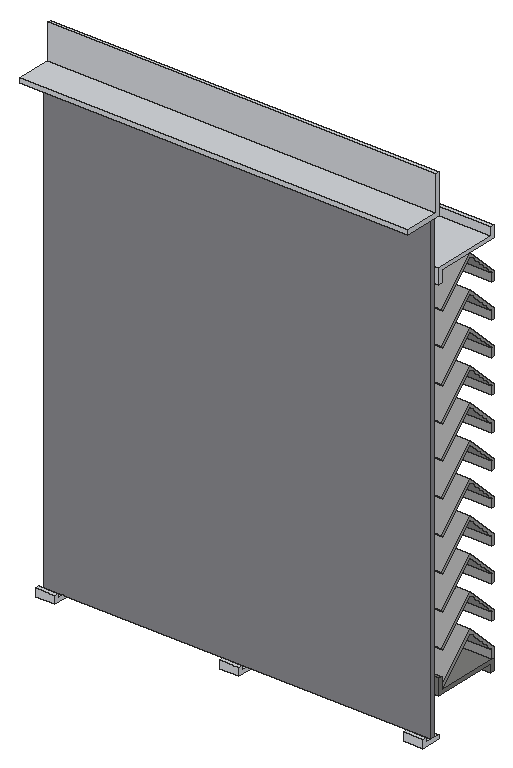
Revit family "99-AWD-LOU-DSD-SS-T1(LOD400)", category Windows, host Wall, Revit 2018
Family settings
  Host = Wall
  OmniClass Number = 23.33.29.31
  Always vertical = Yes
  Cut with Voids When Loaded = No
  Shared = No
  Room Calculation Point = No
Parameters (values of type "ALO-T1_-DSD-SS-___")
  Window Width [instance] = 500 mm
  Window Height [instance] = 500 mm
  Width [instance] = Window Width  # 500 mm
  NumberOfLouver [instance] = (Height - 30 mm) / 41 mm  # 11
  Height [instance] = Window Height  # 500 mm
  DSD.Com.Material = "Aluminmum"
  DSD.Com.Installed Date [instance] = "01/05/2018"
  DSD.Com.Commission Date [instance] = "01/01/2019"
  DSD.Com.CAT Code = "ALO"
  DSD.Com.Asset Code [instance] = ""
  DSD.ALO.Width = 500 mm
  DSD.ALO.Space Room [instance] = "Transformer Room"
  DSD.ALO.Offset [instance] = 2451 mm
  DSD.ALO.Maintenance Agent [instance] = "BCM"
  DSD.ALO.Lourve Mark [instance] = "L1"
  DSD.ALO.Link to Other Drawing [instance] = ""
  DSD.ALO.Level [instance] = "9.80"
  DSD.ALO.Height = 500 mm
  DSD.ALO.Handover Date [instance] = "01/02/2019"
  DSD.ALO.Contract Number = "DC/2006/09"
  DSD.ALO.Completion Date [instance] = "30/12/2018"
  Analytic Construction = "<None>"
Reference planes
  plane 1 "Wall": y = 0
  plane 2 "Center (Left/Right)": x = 125
  plane 3 "Back": y = 75
  plane 4: x = -125
  plane 5: x = 375
  plane 6: z = 800
  plane 7: z = 1300
Forms (mm)
  Extrusion 1, void
    sketch origin (125, 0, 0) x (0, 1, 0) y (0, 0, 1)
      loop
        line (-75, 800) -> (75, 800) -> (75, 1300) -> (55.129, 1300)
        arc (55.129, 1300) -> (45.129, 1310) -> (35.129, 1300) r 10
        line (35.129, 1300) -> (-75, 1300) -> (-75, 800)
    from -250 to 250
  Extrusion 2, solid, material "WireMesh_Gray_97-97-104", detail levels fine
    sketch origin (-200, 17.5, -5) x (0, -1, 0) y (0, 0, 1)
      loop
        line (100, 755) -> (105, 755) -> (105, 1355) -> (100, 1355) -> (100, 755)
    from -575 to -75
  Extrusion 3, solid, material "SS_Gray_77-78-74", detail levels fine
    sketch origin (-200, 25, 2185) x (0, -1, 0) y (0, 0, 1)
      loop
        line (11.561, -1385) -> (11.561, -1400) -> (16.561, -1400) -> (16.561, -1390) -> (100, -1390) -> (100, -1370) -> (95, -1370) -> (95, -1385) -> (11.561, -1385)
    from -575 to -75
  Extrusion 4, solid, detail levels fine
    sketch origin (-200, 25, 200) x (0, -1, 0) y (0, 0, 1)
      loop
        line (11.561, 1085) -> (95, 1085) -> (95, 1070) -> (100, 1070) -> (100, 1090) -> (16.561, 1090) -> (16.561, 1100) -> (11.561, 1100) -> (11.561, 1085)
    from -575 to -75
  Extrusion 5, solid
    sketch origin (125, 0, 0) x (0, 1, 0) y (0, 0, 1)
      loop
        line (-75, 1350) -> (-75, 1400) -> (-80, 1400) -> (-80, 1355) -> (-125, 1355) -> (-125, 1350) -> (-75, 1350)
    from -250 to 250
  Extrusion 6, solid
    sketch origin (-375, 0, 0) x (0, 1, 0) y (0, 0, 1)
      loop
        line (-100, 745) -> (-75, 745) -> (-75, 750) -> (-95, 750) -> (-95, 755) -> (-100, 755) -> (-100, 745)
    from 250 to 275
  Extrusion 7, solid
    sketch origin (112.5, 0, 0) x (0, 1, 0) y (0, 0, 1)
      loop
        line (-100, 745) -> (-75, 745) -> (-75, 750) -> (-95, 750) -> (-95, 755) -> (-100, 755) -> (-100, 745)
    from 0 to 25
  Extrusion 8, solid
    sketch origin (600, 0, 0) x (0, 1, 0) y (0, 0, 1)
      loop
        line (-100, 745) -> (-75, 745) -> (-75, 750) -> (-95, 750) -> (-95, 755) -> (-100, 755) -> (-100, 745)
    from -250 to -225
Lines and regions (mm)
  symbolic lines, style "Windows", detail levels coarse+medium
    curve 1: line (-125, -75, 0) -> (-125, 75, 0)
    curve 2: line (375, -75, 0) -> (375, 75, 0)
    curve 3: line (375, 0, 0) -> (-125, 0, 0)
Text (mm)
  text "Placement Side" at (-1848.837, 1116.779, 0), in view "Ref. Level"
  text "Placement side" at (0, 1409.804, 2854.306), in view "Left"
  text "Placement side" at (0, 499.811, 2980.732), in view "Right"
Dimensions and locks
  locked: plane 3 "Back" to host wall
  locked: Extrusion 2 sketch curve to Extrusion 2 sketch curve at 5
  equal spacing: plane 4, plane 2 "Center (Left/Right)", plane 5
  "Width": plane 4 to plane 5
  level to plane 6 = 800 mm
  "Height": plane 6 to plane 7
  locked: nested 1 to plane 6 at 49.477
  locked: plane 7 to Extrusion 4 at 30
  locked: plane 7 to Extrusion 4 at 15
  locked: Extrusion 4 to Extrusion 4 at 5
  equal spacing: group 2, group 4, group 5, group 6, group 7, group 8, group 9, group 10, group 11, group 12, group 3  (x3)
  locked: plane 3 "Back" to Extrusion 1 sketch curve at 19.871
  locked: nested 3 to host wall at 5
  locked: nested 12 to host wall at 5
  locked: Extrusion 4 to host wall at 83.439
  locked: Extrusion 3 to host wall at 83.439
  locked: Extrusion 5 sketch curve to plane 7 at 50
  locked: Extrusion 5 sketch curve to Extrusion 5 sketch curve at 5
  locked: host wall to Extrusion 5 sketch curve at 5
  locked: Extrusion 6 sketch curve to Extrusion 6 sketch curve at 5  (x2)
  locked: plane 4 to Extrusion 6 at 25
  locked: Extrusion 7 sketch curve to Extrusion 7 sketch curve at 5  (x2)
  locked: Extrusion 8 sketch curve to Extrusion 8 sketch curve at 5  (x2)
  locked: Extrusion 8 to plane 5 at 25
  equal spacing: Extrusion 7, plane 2 "Center (Left/Right)", Extrusion 7
  locked: Extrusion 7 to Extrusion 7 at 25
  radius of Extrusion 1 sketch curve = 10 mm
  aligned and locked: plane 1 "Wall" to host wall
  aligned and locked: host wall to Extrusion 1 sketch curve  (x2)
  aligned and locked: Extrusion 1 to plane 6
  aligned and locked: plane 4 to Extrusion 1
  aligned and locked: host wall to Extrusion 1
  aligned and locked: Extrusion 1 sketch curve to plane 7
  aligned and locked: plane 7 to Extrusion 1 sketch curve
  aligned and locked: Extrusion 1 to plane 5
  aligned and locked: nested 1 to plane 5
  aligned and locked: Extrusion 3 to plane 5
  aligned and locked: plane 4 to Extrusion 3
  aligned and locked: plane 4 to Extrusion 2
  aligned and locked: Extrusion 2 to plane 5
  aligned and locked: plane 4 to Extrusion 4
  aligned and locked: Extrusion 4 to plane 5
  aligned and locked: Extrusion 4 to nested 3
  aligned and locked: Extrusion 5 to Extrusion 2
  aligned and locked: plane 4 to Extrusion 5
  aligned and locked: Extrusion 5 to plane 5
  aligned and locked: Extrusion 5 sketch curve to host wall
  aligned and locked: Extrusion 2 to Extrusion 5
  aligned and locked: Extrusion 2 to Extrusion 6  (x2)
  aligned and locked: Extrusion 8 to Extrusion 2
  aligned and locked: nested 3 to plane 4
Automatic sketch dimensions
  curve 1 to host wall = 0 mm
  curve 1 to plane 4 = 0 mm
  host wall to curve 3 = 0 mm
  curve 3 to plane 5 = 0 mm
  host wall to curve 2 = 0 mm
  host wall to curve 1 = 0 mm
  curve 2 to host wall = 0 mm
  Extrusion 1 sketch curve to plane 6 = 0 mm
  host wall to Extrusion 2 sketch curve = 7.5 mm
  Extrusion 2 sketch curve to plane 6 = 50 mm
  plane 7 to Extrusion 2 sketch curve = 50 mm
  Extrusion 3 sketch curve to plane 6 = 0 mm
  Extrusion 3 sketch curve to host wall = 0 mm
  Extrusion 3 sketch curve to Extrusion 3 sketch curve = 5 mm  (x2)
  host wall to Extrusion 3 sketch curve = 8.439 mm
  Extrusion 3 sketch curve to plane 6 = 15 mm
  plane 6 to Extrusion 3 sketch curve = 5 mm
  Extrusion 3 sketch curve to Extrusion 3 sketch curve = 10 mm
  Extrusion 4 sketch curve to plane 7 = 0 mm
  Extrusion 4 sketch curve to host wall = 0 mm
  Extrusion 4 sketch curve to Extrusion 4 sketch curve = 5 mm  (x3)
  Extrusion 4 sketch curve to host wall = 8.439 mm
  Extrusion 4 sketch curve to plane 7 = 10 mm
  Extrusion 4 sketch curve to Extrusion 4 sketch curve = 15 mm
  Extrusion 5 sketch curve to Extrusion 5 sketch curve = 45 mm  (x2)
  Extrusion 6 sketch curve to host wall = 0 mm
  host wall to Extrusion 6 sketch curve = 20 mm
  Extrusion 6 sketch curve to plane 6 = 55 mm
  Extrusion 6 sketch curve to Extrusion 6 sketch curve = 5 mm
  Extrusion 7 sketch curve to host wall = 0 mm
  host wall to Extrusion 7 sketch curve = 20 mm
  Extrusion 7 sketch curve to plane 6 = 55 mm
  Extrusion 7 sketch curve to Extrusion 7 sketch curve = 5 mm
  Extrusion 8 sketch curve to host wall = 0 mm
  host wall to Extrusion 8 sketch curve = 20 mm
  Extrusion 8 sketch curve to plane 6 = 55 mm
  Extrusion 8 sketch curve to Extrusion 8 sketch curve = 5 mm
Nested families
  nested 1: "Stainless Steel Plate" at (-125, 130, 774.448), Width <- "Width", type "Stainless Steel Plate", detail levels fine
    with Width 500 mm
  nested 2: "Stainless Steel Plate" at (-1237.749, 662.938, 2190.679), Width <- "Width", type "Stainless Steel Plate", not visible, detail levels fine
    with Width 500 mm
  nested 3: "Stainless Steel Plate" at (-125, 130, 1209.972), Width <- "Width", type "Stainless Steel Plate", detail levels fine
    with Width 500 mm
  nested 4: "Stainless Steel Plate" at (-125, 130, 818.001), Width <- "Width", type "Stainless Steel Plate", detail levels fine
    with Width 500 mm
  nested 5: "Stainless Steel Plate" at (-125, 130, 861.553), Width <- "Width", type "Stainless Steel Plate", detail levels fine
    with Width 500 mm
  nested 6: "Stainless Steel Plate" at (-125, 130, 905.105), Width <- "Width", type "Stainless Steel Plate", detail levels fine
    with Width 500 mm
  nested 7: "Stainless Steel Plate" at (-125, 130, 948.658), Width <- "Width", type "Stainless Steel Plate", detail levels fine
    with Width 500 mm
  nested 8: "Stainless Steel Plate" at (-125, 130, 992.21), Width <- "Width", type "Stainless Steel Plate", detail levels fine
    with Width 500 mm
  nested 9: "Stainless Steel Plate" at (-125, 130, 1035.762), Width <- "Width", type "Stainless Steel Plate", detail levels fine
    with Width 500 mm
  nested 10: "Stainless Steel Plate" at (-125, 130, 1079.315), Width <- "Width", type "Stainless Steel Plate", detail levels fine
    with Width 500 mm
  nested 11: "Stainless Steel Plate" at (-125, 130, 1122.867), Width <- "Width", type "Stainless Steel Plate", detail levels fine
    with Width 500 mm
  nested 12: "Stainless Steel Plate" at (-125, 130, 1166.419), Width <- "Width", type "Stainless Steel Plate", detail levels fine
    with Width 500 mm
Definition of nested family "Stainless Steel Plate"
  Parameters (values of type "Stainless Steel Plate")
    Width [instance] = 500 mm
  Reference planes
    plane 1 "Center (Front/Back)": y = 0
    plane 2: z = 0
    plane 3 "Center (Left/Right)": x = 0
  Forms (mm)
    Extrusion 1, solid
      sketch origin (0, 0, 0) x (0, 1, 0) y (0, 0, 1)
        loop
          line (-154.038, 75.028) -> (-200, 29.067) -> (-197.879, 26.945) -> (-154.038, 70.786) -> (-119.561, 36.309) -> (-119.561, 25.552) -> (-116.561, 25.552) -> (-116.561, 37.552) -> (-154.038, 75.028)
      from 0 to 500
  Dimensions and locks
    "Width": Extrusion 1 to Extrusion 1
    aligned and locked: level to plane 2
  Automatic sketch dimensions
    level to Extrusion 1 sketch curve = 37.552 mm
    Extrusion 1 sketch curve to Extrusion 1 sketch curve = 3 mm
    Extrusion 1 sketch curve to Extrusion 1 sketch curve = 0 mm
    Extrusion 1 sketch curve to Extrusion 1 sketch curve = 1.243 mm
    Extrusion 1 sketch curve to Extrusion 1 sketch curve = 10.757 mm
    level to Extrusion 1 sketch curve = 29.067 mm
    Extrusion 1 sketch curve to Extrusion 1 sketch curve = 34.477 mm
    level to Extrusion 1 sketch curve = 26.945 mm
    plane 1 "Center (Front/Back)" to Extrusion 1 sketch curve = 200 mm
